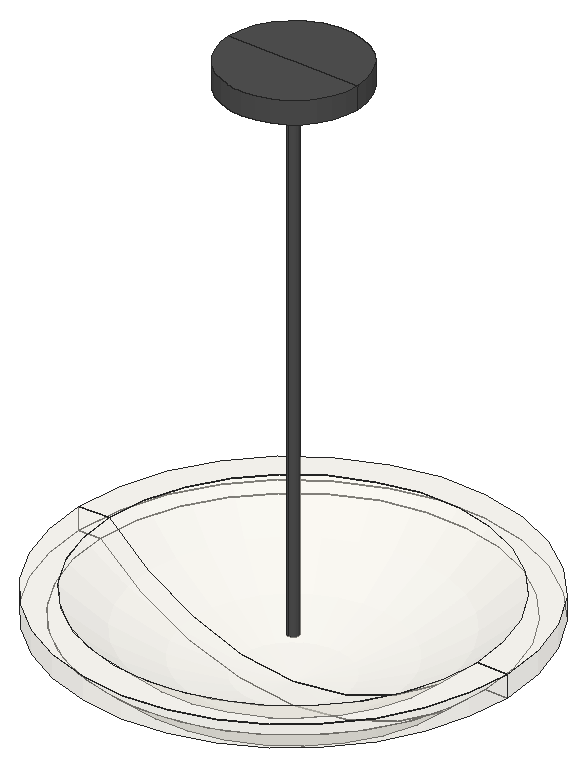
Revit family "241c6af01b084b6bb23455dc6c988d26", category Lighting Fixtures, host Ceiling, Revit 2021
Family settings
  Host = Ceiling
  Round Connector Dimension = Use Diameter
  Part Type = Normal
  OmniClass Number = 23.80.70.11.11
  OmniClass Title = General Luminaries, Non Directional
  Seek Item ID = Pendant Light - Hemisphere-0000-USA-ENU
  Always vertical = Yes
  Cut with Voids When Loaded = No
  Light Source = Yes
  Shared = No
  Room Calculation Point = No
Parameters (values of type "150W - 277V")
  Wattage = 150 W
  built-in parameter 1150110 = 1 (stored number, unit not read)
  built-in parameter 1114217 = 1 (stored number, unit not read)
  built-in parameter 1150109 = 1 (stored number, unit not read)
  built-in parameter 1150134 = 4
  built-in parameter 1150113 = 1 (stored number, unit not read)
  built-in parameter 1150115 = 1 (stored number, unit not read)
  built-in parameter 1150105 = 884.74 (stored number, unit not read)
  Load Classification = Lighting - Dwelling Unit
  Light Source Symbol Size = 2' - 0"
  built-in parameter 1150137 = 1
  built-in parameter 1150139 = (empty or 0)
  built-in parameter 1150112 = 1 (stored number, unit not read)
  built-in parameter 1150114 = 1 (stored number, unit not read)
  Lamp = "A-21"
  built-in parameter 1150132 = (empty or 0)
  built-in parameter 1150102 = (empty or 0)
  built-in parameter 1150138 = (empty or 0)
  built-in parameter 1150107 = 2800 (stored number, unit not read)
  built-in parameter 1150106 = 8.8474 (stored number, unit not read)
  built-in parameter 1150104 = 1.7215 (stored number, unit not read)
  Dimming Lamp Color Temperature Shift = <None>
  Default Elevation = 0' - 0"
  Color Filter = 16777215
  built-in parameter 1140040 [instance] = 1
  Ballast Voltage = 277 V
  Ballast Number of Poles = 1
  built-in parameter 1114218 = 1 (stored number, unit not read)
  built-in parameter 1150133 = 10 (stored number, unit not read)
  Assembly Code = "D5020220"
  Ceiling Mount Material = Steel, Chrome Plated
  Drop From Ceiling = 2' - 3"
  Lumens = 2779.5 lm
  Pendant Material = Glass, Frosted
  Wattage Comments = ""
  Apparent Load = 150 VA
Types (4): name | Wattage | built-in parameter 1150105 | Lamp | built-in parameter 1150106 | built-in parameter 1150104 | Ballast Voltage | Lumens | Apparent Load
  100W - 120V | 100 W | 537.94 (stored number, unit not read) | "A-19" | 5.3794 (stored number, unit not read) | 1.5701 (stored number, unit not read) | 120 V | 1690 lm | 100 VA
  100W - 277V | 100 W | 537.94 (stored number, unit not read) | "A-19" | 5.3794 (stored number, unit not read) | 1.5701 (stored number, unit not read) | 120 V | 1690 lm | 100 VA
  150W - 120V | 150 W | 884.74 (stored number, unit not read) | "A-21" | 8.8474 (stored number, unit not read) | 1.7215 (stored number, unit not read) | 120 V | 2779.5 lm | 150 VA
  150W - 277V | 150 W | 884.74 (stored number, unit not read) | "A-21" | 8.8474 (stored number, unit not read) | 1.7215 (stored number, unit not read) | 277 V | 2779.5 lm | 150 VA
Reference planes (in)
  plane 1 "Light Axis": y = 0
  plane 2 "Ceiling": z = 96
  plane 3 "Light Axis": x = 0
  plane 4 "Light Source Elevation": z = 72
  plane 5: z = 73.81303
  plane 6: z = 69
  plane 7: z = 72.81303
  plane 8: z = 69
Forms (in)
  Revolve 1, solid, material "Steel, Chrome Plated" <- "Ceiling Mount Material"
    sketch origin (0, 0, 0) x (1, 0, 0) y (0, 0, 1)
      loop
        line (0, 96) -> (-3, 96) -> (-3, 95) -> (0, 93.60108) -> (0, 96)
      axis (0, 96) -> (0, 93.60108)
    angle from 0 to 360
  Revolve 2, solid, material "Glass, Frosted" <- "Pendant Material"
    sketch origin (0, 0, 0) x (0, 0, -1) y (1, 0, 0)
      loop
        line (-69, 0) -> (-69.99869, 0)
        arc (-69.99869, 0) -> (-71.04733, -4.67936) -> (-73.81303, -8.59687) r 12.24181
        line (-73.81303, -8.59687) -> (-73.81303, -10.01183) -> (-72.8082, -10.01183) -> (-72.8082, -9.01183)
        arc (-72.8082, -9.01183) -> (-70.03076, -4.87497) -> (-69, 0) r 13.0932
      axis (-73.81303, 0) -> (-69, 0)
    angle from 0 to 360
  Extrusion 3, solid, material "Steel, Chrome Plated" <- "Ceiling Mount Material"
    sketch origin (0, 0, 72) x (0, -1, 0) y (1, 0, 0)
      loop
        circle (0, 0) r 0.25
    from 0 to 24
Cuts and joins
  joined: Revolve 1, Extrusion 3
Dimensions and locks (in)
  equal spacing: host sketch curve, plane 3 "Light Axis", host sketch curve
  equal spacing: host sketch curve, plane 1 "Light Axis", host sketch curve
  host sketch curve to host sketch curve = 10' - 0"  (x2)
  plane 5 to plane 7 to plane 6 = 0' - 1" locked, 0' - 3.81303" locked
  "Drop From Ceiling": plane 2 "Ceiling" to plane 6
  "Drop From Ceiling": plane 2 "Ceiling" to plane 8
  locked: plane 4 "Light Source Elevation" to plane 8 at 3
  aligned and locked: plane 2 "Ceiling" to Extrusion 3
  aligned and locked: plane 3 "Light Axis" to imposter light
  aligned and locked: plane 1 "Light Axis" to imposter light
  aligned and locked: plane 4 "Light Source Elevation" to imposter light
Automatic sketch dimensions
  Revolve 1 sketch curve to plane 2 "Ceiling" = 0' - 0"
  Revolve 1 sketch curve to plane 3 "Light Axis" = 0' - 0"  (x2)
  Revolve 1 sketch curve to plane 2 "Ceiling" = 0' - 1"
  Revolve 1 sketch curve to plane 3 "Light Axis" = 0' - 3"
  Revolve 1 sketch curve to plane 2 "Ceiling" = 0' - 2.39892"
  Revolve 1 sketch curve to Revolve 1 sketch curve = 0' - 2.60108"
  plane 2 "Ceiling" to Revolve 1 sketch curve = 0' - 3"
  Revolve 2 sketch curve to plane 3 "Light Axis" = 0' - 0"  (x2)
  Revolve 2 sketch curve to plane 5 = 0' - 0"
  Revolve 2 sketch curve to plane 5 = 0' - 2"
  plane 3 "Light Axis" to Revolve 2 sketch curve = 0' - 0.22156"
  Revolve 2 sketch curve to Revolve 2 sketch curve = 0' - 6.27829"
  Revolve 2 sketch curve to Revolve 2 sketch curve = 0' - 0.14584"
  Revolve 2 sketch curve to plane 7 = 0' - 0.00484"
  plane 6 to Revolve 2 sketch curve = 0' - 0"
  Revolve 2 sketch curve to Revolve 2 sketch curve = 0' - 2.18696"
  Revolve 2 sketch curve to plane 6 = 0' - 0.99869"
  Revolve 2 sketch curve to Revolve 2 sketch curve = 0' - 0.41495"
  Revolve 2 sketch curve to Revolve 2 sketch curve = 0' - 1.41495"
  Extrusion 3 sketch curve to plane 3 "Light Axis" = 0' - 0"
  Extrusion 3 sketch curve to plane 1 "Light Axis" = 0' - 0"
  Extrusion 3 sketch curve to plane 1 "Light Axis" = 0' - 0 1/4"
Connectors (in)
  electrical at (0, 0, 73.81303), driven by "Apparent Load", driven by "Ballast Voltage", driven by "Ballast Number of Poles", driven by "Load Classification"
    settings: on Revolve 2, index 1, voltage 277 V, apparent load 0 VA, apparent load phase1 150 VA, apparent load phase2 0 VA, apparent load phase3 0 VA, power factor 0.95, load classification "Lighting - Dwelling Unit", number of poles 1, system type 31, power factor state 1, is connector primary yes, connector utility no, sub classification motor no, connector description ""
